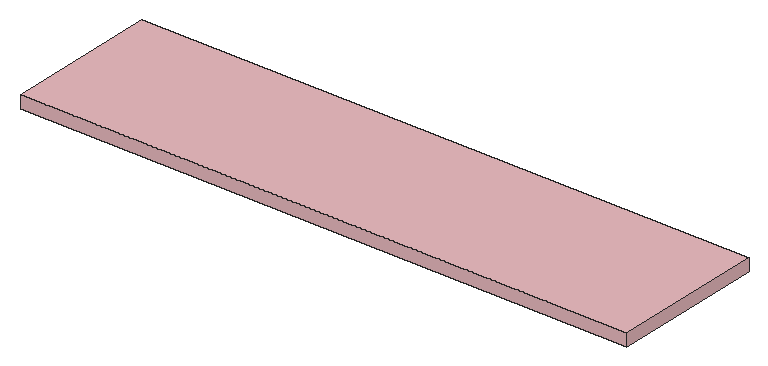
Revit family "Envirocoustic Wood Wool panel", category Specialty Equipment, Revit 2023
Family settings
  Round Connector Dimension = Use Diameter
  Part Type = Normal
  OmniClass Number = 23.35.00.00
  OmniClass Title = Covering, Cladding, and Finishes
  Work Plane-Based = Yes
  Enable Cutting in Views = Yes
  Always vertical = No
  Cut with Voids When Loaded = No
  Maintain Annotation Orientation = No
  Shared = No
  Room Calculation Point = No
Parameters (values of type "2" Square 2ft x 8ft Custom Painted")
  URL = "https://www.acousticalsurfaces.com/envirocoustic-wood-wool/ceiling-wall-panels/"
  Type Comments = "Acoustic panels for vertical and horizontal surfaces"
  Thickness Options = 2
  T = if(Thickness Options = 0, 0' 1", 0' 0") + if(Thickness Options = 1, 0' 1 3/8", 0' 0") + if(Thickness Options = 2, 0' 2", 0' 0")  # 0' - 2"
  Recycled Content Percentage = "0%"
  Model = "Envirocoustic Wood Wool"
  Material = "Envirocoustic Wood Wool"
  Manufacturer = "Acoustical Surfaces, Inc."
  Fire Rating = "ASTM E84 - Class A"
  Finish = Paint - Acoustical-Surfaces - Custom Painted
  Edge Option = 2
  ‍     2. Square = Edge Option = 2  # yes
  ‍     1. Beveled = Edge Option = 1  # no
  Width = 2' - 0"
  Length = 8' - 0"
  ‍      2. Thickness 2" = Thickness Options = 2  # yes
  ‍      1. Thickness 1-3/8" = Thickness Options = 1  # no
  ‍      0. Thickness 1" = Thickness Options = 0  # no
  Description = "Acoustic Panels"
  Default Elevation = 4' - 0"
  Backfill = no
  Assembly Code = "C30"
  Acoustics - NRC = "Sound absorption varies from NRC 0.45 to 0.95 based on installation method used when tested per ASTM C423."
  A = if(Backfill, 0' 1", 0' 0")  # 0' - 0"
Types (72): name | Thickness Options | T | Finish | Edge Option | ‍     2. Square | ‍     1. Beveled | Length | ‍      2. Thickness 2" | ‍      1. Thickness 1-3/8" | ‍      0. Thickness 1" | Default Elevation | Backfill | A
  2" Square 2ft x 8ft Custom Painted | 2 | 0' - 2" | Paint - Acoustical-Surfaces - Custom Painted | 2 | yes | no | 8' - 0" | yes | no | no | 4' - 0" | no | 0' - 0"
  2" Square 2ft x 4ft Custom Painted | 2 | 0' - 2" | Paint - Acoustical-Surfaces - Custom Painted | 2 | yes | no | 4' - 0" | yes | no | no | 4' - 0" | no | 0' - 0"
  2" Square 2ft x 8ft Custom Painted With Backfill | 2 | 0' - 2" | Paint - Acoustical-Surfaces - Custom Painted | 2 | yes | no | 8' - 0" | yes | no | no | 4' - 0" | yes | 0' - 1"
  2" Square 2ft x 4ft Custom Painted With Backfill | 2 | 0' - 2" | Paint - Acoustical-Surfaces - Custom Painted | 2 | yes | no | 4' - 0" | yes | no | no | 4' - 0" | yes | 0' - 1"
  2" Square 2ft x 8ft Primed White | 2 | 0' - 2" | Paint - Acoustical-Surfaces - Primed White | 2 | yes | no | 8' - 0" | yes | no | no | 4' - 0" | no | 0' - 0"
  2" Square 2ft x 4ft Primed White | 2 | 0' - 2" | Paint - Acoustical-Surfaces - Primed White | 2 | yes | no | 4' - 0" | yes | no | no | 4' - 0" | no | 0' - 0"
  2" Square 2ft x 8ft Primed White With Backfill | 2 | 0' - 2" | Paint - Acoustical-Surfaces - Primed White | 2 | yes | no | 8' - 0" | yes | no | no | 4' - 0" | yes | 0' - 1"
  2" Square 2ft x 4ft Primed White With Backfill | 2 | 0' - 2" | Paint - Acoustical-Surfaces - Primed White | 2 | yes | no | 4' - 0" | yes | no | no | 4' - 0" | yes | 0' - 1"
  2" Square 2ft x 8ft Primed Clear | 2 | 0' - 2" | Paint - Acoustical-Surfaces - Primed Clear | 2 | yes | no | 8' - 0" | yes | no | no | 4' - 0" | no | 0' - 0"
  2" Square 2ft x 4ft Primed Clear | 2 | 0' - 2" | Paint - Acoustical-Surfaces - Primed Clear | 2 | yes | no | 4' - 0" | yes | no | no | 4' - 0" | no | 0' - 0"
  2" Square 2ft x 8ft Primed Clear With Backfill | 2 | 0' - 2" | Paint - Acoustical-Surfaces - Primed Clear | 2 | yes | no | 8' - 0" | yes | no | no | 4' - 0" | yes | 0' - 1"
  2" Square 2ft x 4ft Primed Clear With Backfill | 2 | 0' - 2" | Paint - Acoustical-Surfaces - Primed Clear | 2 | yes | no | 4' - 0" | yes | no | no | 4' - 0" | yes | 0' - 1"
  2" Beveled 2ft x 8ft Custom Painted | 2 | 0' - 2" | Paint - Acoustical-Surfaces - Custom Painted | 1 | no | yes | 8' - 0" | yes | no | no | 4' - 0" | no | 0' - 0"
  2" Beveled 2ft x 4ft Custom Painted | 2 | 0' - 2" | Paint - Acoustical-Surfaces - Custom Painted | 1 | no | yes | 4' - 0" | yes | no | no | 2' - 0" | no | 0' - 0"
  2" Beveled 2ft x 8ft Custom Painted With Backfill | 2 | 0' - 2" | Paint - Acoustical-Surfaces - Custom Painted | 1 | no | yes | 8' - 0" | yes | no | no | 4' - 0" | yes | 0' - 1"
  2" Beveled 2ft x 4ft Custom Painted With Backfill | 2 | 0' - 2" | Paint - Acoustical-Surfaces - Custom Painted | 1 | no | yes | 4' - 0" | yes | no | no | 4' - 0" | yes | 0' - 1"
  2" Beveled 2ft x 8ft Primed White | 2 | 0' - 2" | Paint - Acoustical-Surfaces - Primed White | 1 | no | yes | 8' - 0" | yes | no | no | 4' - 0" | no | 0' - 0"
  2" Beveled 2ft x 4ft Primed White | 2 | 0' - 2" | Paint - Acoustical-Surfaces - Primed White | 1 | no | yes | 4' - 0" | yes | no | no | 4' - 0" | no | 0' - 0"
  2" Beveled 2ft x 8ft Primed White With Backfill | 2 | 0' - 2" | Paint - Acoustical-Surfaces - Primed White | 1 | no | yes | 8' - 0" | yes | no | no | 4' - 0" | yes | 0' - 1"
  2" Beveled 2ft x 4ft Primed White With Backfill | 2 | 0' - 2" | Paint - Acoustical-Surfaces - Primed White | 1 | no | yes | 4' - 0" | yes | no | no | 4' - 0" | yes | 0' - 1"
  2" Beveled 2ft x 8ft Primed Clear | 2 | 0' - 2" | Paint - Acoustical-Surfaces - Primed Clear | 1 | no | yes | 8' - 0" | yes | no | no | 4' - 0" | no | 0' - 0"
  2" Beveled 2ft x 4ft Primed Clear | 2 | 0' - 2" | Paint - Acoustical-Surfaces - Primed Clear | 1 | no | yes | 4' - 0" | yes | no | no | 4' - 0" | no | 0' - 0"
  2" Beveled 2ft x 8ft Primed Clear With Backfill | 2 | 0' - 2" | Paint - Acoustical-Surfaces - Primed Clear | 1 | no | yes | 8' - 0" | yes | no | no | 4' - 0" | yes | 0' - 1"
  2" Beveled 2ft x 4ft Primed Clear With Backfill | 2 | 0' - 2" | Paint - Acoustical-Surfaces - Primed Clear | 1 | no | yes | 4' - 0" | yes | no | no | 4' - 0" | yes | 0' - 1"
  1 3/8" Square 2ft x 8ft Custom Painted | 1 | 0' - 1 3/8" | Paint - Acoustical-Surfaces - Custom Painted | 2 | yes | no | 8' - 0" | no | yes | no | 4' - 0" | no | 0' - 0"
  1 3/8" Square 2ft x 4ft Custom Painted | 1 | 0' - 1 3/8" | Paint - Acoustical-Surfaces - Custom Painted | 2 | yes | no | 4' - 0" | no | yes | no | 4' - 0" | no | 0' - 0"
  1 3/8" Square 2ft x 8ft Custom Painted With Backfill | 1 | 0' - 1 3/8" | Paint - Acoustical-Surfaces - Custom Painted | 2 | yes | no | 8' - 0" | no | yes | no | 4' - 0" | yes | 0' - 1"
  1 3/8" Square 2ft x 4ft Custom Painted With Backfill | 1 | 0' - 1 3/8" | Paint - Acoustical-Surfaces - Custom Painted | 2 | yes | no | 4' - 0" | no | yes | no | 4' - 0" | yes | 0' - 1"
  1 3/8" Square 2ft x 8ft Primed White | 1 | 0' - 1 3/8" | Paint - Acoustical-Surfaces - Primed White | 2 | yes | no | 8' - 0" | no | yes | no | 4' - 0" | no | 0' - 0"
  1 3/8" Square 2ft x 4ft Primed White | 1 | 0' - 1 3/8" | Paint - Acoustical-Surfaces - Primed White | 2 | yes | no | 4' - 0" | no | yes | no | 4' - 0" | no | 0' - 0"
  1 3/8" Square 2ft x 8ft Primed White With Backfill | 1 | 0' - 1 3/8" | Paint - Acoustical-Surfaces - Primed White | 2 | yes | no | 8' - 0" | no | yes | no | 4' - 0" | yes | 0' - 1"
  1 3/8" Square 2ft x 4ft Primed White With Backfill | 1 | 0' - 1 3/8" | Paint - Acoustical-Surfaces - Primed White | 2 | yes | no | 4' - 0" | no | yes | no | 4' - 0" | yes | 0' - 1"
  1 3/8" Square 2ft x 8ft Primed Clear | 1 | 0' - 1 3/8" | Paint - Acoustical-Surfaces - Primed Clear | 2 | yes | no | 8' - 0" | no | yes | no | 4' - 0" | no | 0' - 0"
  1 3/8" Square 2ft x 4ft Primed Clear | 1 | 0' - 1 3/8" | Paint - Acoustical-Surfaces - Primed Clear | 2 | yes | no | 4' - 0" | no | yes | no | 4' - 0" | no | 0' - 0"
  1 3/8" Square 2ft x 8ft Primed Clear With Backfill | 1 | 0' - 1 3/8" | Paint - Acoustical-Surfaces - Primed Clear | 2 | yes | no | 8' - 0" | no | yes | no | 4' - 0" | yes | 0' - 1"
  1 3/8" Square 2ft x 4ft Primed Clear With Backfill | 1 | 0' - 1 3/8" | Paint - Acoustical-Surfaces - Primed Clear | 2 | yes | no | 4' - 0" | no | yes | no | 4' - 0" | yes | 0' - 1"
  1 3/8" Beveled 2ft x 8ft Custom Painted | 1 | 0' - 1 3/8" | Paint - Acoustical-Surfaces - Custom Painted | 1 | no | yes | 8' - 0" | no | yes | no | 4' - 0" | no | 0' - 0"
  1 3/8" Beveled 2ft x 4ft Custom Painted | 1 | 0' - 1 3/8" | Paint - Acoustical-Surfaces - Custom Painted | 1 | no | yes | 4' - 0" | no | yes | no | 4' - 0" | no | 0' - 0"
  1 3/8" Beveled 2ft x 8ft Custom Painted With Backfill | 1 | 0' - 1 3/8" | Paint - Acoustical-Surfaces - Custom Painted | 1 | no | yes | 8' - 0" | no | yes | no | 4' - 0" | yes | 0' - 1"
  1 3/8" Beveled 2ft x 4ft Custom Painted With Backfill | 1 | 0' - 1 3/8" | Paint - Acoustical-Surfaces - Custom Painted | 1 | no | yes | 4' - 0" | no | yes | no | 4' - 0" | yes | 0' - 1"
  1 3/8" Beveled 2ft x 8ft Primed White | 1 | 0' - 1 3/8" | Paint - Acoustical-Surfaces - Primed White | 1 | no | yes | 8' - 0" | no | yes | no | 4' - 0" | no | 0' - 0"
  1 3/8" Beveled 2ft x 4ft Primed White | 1 | 0' - 1 3/8" | Paint - Acoustical-Surfaces - Primed White | 1 | no | yes | 4' - 0" | no | yes | no | 4' - 0" | no | 0' - 0"
  1 3/8" Beveled 2ft x 8ft Primed White With Backfill | 1 | 0' - 1 3/8" | Paint - Acoustical-Surfaces - Primed White | 1 | no | yes | 8' - 0" | no | yes | no | 4' - 0" | yes | 0' - 1"
  1 3/8" Beveled 2ft x 4ft Primed White With Backfill | 1 | 0' - 1 3/8" | Paint - Acoustical-Surfaces - Primed White | 1 | no | yes | 4' - 0" | no | yes | no | 4' - 0" | yes | 0' - 1"
  1 3/8" Beveled 2ft x 8ft Primed Clear | 1 | 0' - 1 3/8" | Paint - Acoustical-Surfaces - Primed Clear | 1 | no | yes | 8' - 0" | no | yes | no | 4' - 0" | no | 0' - 0"
  1 3/8" Beveled 2ft x 4ft Primed Clear | 1 | 0' - 1 3/8" | Paint - Acoustical-Surfaces - Primed Clear | 1 | no | yes | 4' - 0" | no | yes | no | 4' - 0" | no | 0' - 0"
  1 3/8" Beveled 2ft x 8ft Primed Clear With Backfill | 1 | 0' - 1 3/8" | Paint - Acoustical-Surfaces - Primed Clear | 1 | no | yes | 8' - 0" | no | yes | no | 4' - 0" | yes | 0' - 1"
  1 3/8" Beveled 2ft x 4ft Primed Clear With Backfill | 1 | 0' - 1 3/8" | Paint - Acoustical-Surfaces - Primed Clear | 1 | no | yes | 4' - 0" | no | yes | no | 4' - 0" | yes | 0' - 1"
  1" Square 2ft x 8ft Custom Painted | 0 | 0' - 1" | Paint - Acoustical-Surfaces - Custom Painted | 2 | yes | no | 8' - 0" | no | no | yes | 4' - 0" | no | 0' - 0"
  1" Square 2ft x 4ft Custom Painted | 0 | 0' - 1" | Paint - Acoustical-Surfaces - Custom Painted | 2 | yes | no | 4' - 0" | no | no | yes | 4' - 0" | no | 0' - 0"
  1" Square 2ft x 8ft Primed White | 0 | 0' - 1" | Paint - Acoustical-Surfaces - Primed White | 2 | yes | no | 8' - 0" | no | no | yes | 4' - 0" | no | 0' - 0"
  1" Square 2ft x 4ft Primed White | 0 | 0' - 1" | Paint - Acoustical-Surfaces - Primed White | 2 | yes | no | 4' - 0" | no | no | yes | 4' - 0" | no | 0' - 0"
  1" Square 2ft x 8ft Primed Clear | 0 | 0' - 1" | Paint - Acoustical-Surfaces - Primed Clear | 2 | yes | no | 8' - 0" | no | no | yes | 4' - 0" | no | 0' - 0"
  1" Square 2ft x 4ft Primed Clear | 0 | 0' - 1" | Paint - Acoustical-Surfaces - Primed Clear | 2 | yes | no | 4' - 0" | no | no | yes | 4' - 0" | no | 0' - 0"
  1" Square 2ft x 8ft Custom Painted With Backfill | 0 | 0' - 1" | Paint - Acoustical-Surfaces - Custom Painted | 2 | yes | no | 8' - 0" | no | no | yes | 4' - 0" | yes | 0' - 1"
  1" Square 2ft x 4ft Custom Painted With Backfill | 0 | 0' - 1" | Paint - Acoustical-Surfaces - Custom Painted | 2 | yes | no | 4' - 0" | no | no | yes | 4' - 0" | yes | 0' - 1"
  1" Square 2ft x 8ft Primed White With Backfill | 0 | 0' - 1" | Paint - Acoustical-Surfaces - Primed White | 2 | yes | no | 8' - 0" | no | no | yes | 4' - 0" | yes | 0' - 1"
  1" Square 2ft x 4ft Primed White With Backfill | 0 | 0' - 1" | Paint - Acoustical-Surfaces - Primed White | 2 | yes | no | 4' - 0" | no | no | yes | 4' - 0" | yes | 0' - 1"
  1" Square 2ft x 8ft Primed Clear With Backfill | 0 | 0' - 1" | Paint - Acoustical-Surfaces - Primed Clear | 2 | yes | no | 8' - 0" | no | no | yes | 4' - 0" | yes | 0' - 1"
  1" Square 2ft x 4ft Primed Clear With Backfill | 0 | 0' - 1" | Paint - Acoustical-Surfaces - Primed Clear | 2 | yes | no | 4' - 0" | no | no | yes | 4' - 0" | yes | 0' - 1"
  1" Beveled 2ft x 8ft Custom Painted | 0 | 0' - 1" | Paint - Acoustical-Surfaces - Custom Painted | 1 | no | yes | 8' - 0" | no | no | yes | 4' - 0" | no | 0' - 0"
  1" Beveled 2ft x 4ft Custom Painted | 0 | 0' - 1" | Paint - Acoustical-Surfaces - Custom Painted | 1 | no | yes | 4' - 0" | no | no | yes | 4' - 0" | no | 0' - 0"
  1" Beveled 2ft x 8ft Primed White | 0 | 0' - 1" | Paint - Acoustical-Surfaces - Primed White | 1 | no | yes | 8' - 0" | no | no | yes | 4' - 0" | no | 0' - 0"
  1" Beveled 2ft x 4ft Primed White | 0 | 0' - 1" | Paint - Acoustical-Surfaces - Primed White | 1 | no | yes | 4' - 0" | no | no | yes | 4' - 0" | no | 0' - 0"
  1" Beveled 2ft x 8ft Primed Clear | 0 | 0' - 1" | Paint - Acoustical-Surfaces - Primed Clear | 1 | no | yes | 8' - 0" | no | no | yes | 4' - 0" | no | 0' - 0"
  1" Beveled 2ft x 4ft Primed Clear | 0 | 0' - 1" | Paint - Acoustical-Surfaces - Primed Clear | 1 | no | yes | 4' - 0" | no | no | yes | 4' - 0" | no | 0' - 0"
  1" Beveled 2ft x 8ft Custom Painted With Backfill | 0 | 0' - 1" | Paint - Acoustical-Surfaces - Custom Painted | 1 | no | yes | 8' - 0" | no | no | yes | 4' - 0" | yes | 0' - 1"
  1" Beveled 2ft x 4ft Custom Painted With Backfill | 0 | 0' - 1" | Paint - Acoustical-Surfaces - Custom Painted | 1 | no | yes | 4' - 0" | no | no | yes | 4' - 0" | yes | 0' - 1"
  1" Beveled 2ft x 8ft Primed White With Backfill | 0 | 0' - 1" | Paint - Acoustical-Surfaces - Primed White | 1 | no | yes | 8' - 0" | no | no | yes | 4' - 0" | yes | 0' - 1"
  1" Beveled 2ft x 4ft Primed White With Backfill | 0 | 0' - 1" | Paint - Acoustical-Surfaces - Primed White | 1 | no | yes | 4' - 0" | no | no | yes | 4' - 0" | yes | 0' - 1"
  1" Beveled 2ft x 8ft Primed Clear With Backfill | 0 | 0' - 1" | Paint - Acoustical-Surfaces - Primed Clear | 1 | no | yes | 8' - 0" | no | no | yes | 4' - 0" | yes | 0' - 1"
  1" Beveled 2ft x 4ft Primed Clear With Backfill | 0 | 0' - 1" | Paint - Acoustical-Surfaces - Primed Clear | 1 | no | yes | 4' - 0" | no | no | yes | 4' - 0" | yes | 0' - 1"
Reference planes (in)
  plane 1 "Center (Front/Back)": y = 0
  plane 2: z = 0
  plane 3 "Center (Left/Right)": x = 0
  plane 4: x = -48
  plane 5: x = 48
  plane 6: y = 12
  plane 7: y = -12
  plane 8: z = 2
Dimensions and locks (in)
  "A": nested 1 to plane 2
  "A": nested 2 to level
  equal spacing: plane 4, plane 3 "Center (Left/Right)", plane 5
  equal spacing: plane 7, plane 1 "Center (Front/Back)", plane 6
  "Length": plane 4 to plane 5
  "Width": plane 7 to plane 6
  "T": plane 8 to plane 2
  aligned and locked: level to plane 2
Nested families (in)
  nested 1: "Beveled" at (0, 0, 0), visible <- "‍     1. Beveled", type "Beveled"
    with Thickness 0' - 2", A 8' - 0"
  nested 2: "Square" at (0, 0, 0), visible <- "‍     2. Square", type "Square"
    with Thickness 0' - 2", A 8' - 0"
  nested 3: "Backfill" at (0, 0, 0), visible <- "Backfill", type "Backfill"
    with Width 2' - 0", Length 8' - 0"
Definition of nested family "Beveled"
  Parameters (values of type "Beveled")
    Thickness = 0' - 1"
    Material = none
    Default Elevation = 0' - 0"
    B = 2' - 0"
    A = 4' - 0"
  Reference planes (in)
    plane 1 "Center (Front/Back)": y = 0
    plane 2: z = 0
    plane 3 "Center (Left/Right)": x = 0
    plane 4: x = -24
    plane 5: x = 24
    plane 6: y = 12
    plane 7: y = -12
    plane 8: z = 1
  Forms (in)
    Extrusion 1, solid, material <- "Material"
      sketch origin (0, 0, 0) x (1, 0, 0) y (0, 1, 0)
        loop
          line (24, 12) -> (-24, 12) -> (-24, -12) -> (24, -12) -> (24, 12)
      from 0 to 1
    Sweep 2, void
      path in 3D
        loop
          line (24, 12, 1) -> (-24, 12, 1) -> (-24, -12, 1) -> (24, -12, 1) -> (24, 12, 1)
      profile "Triangle : Family2" origin (24, 0, 1) x (-1, 0, 0) y (0, 0, 1)
        loop
          line (0, 0) -> (0, -0.315) -> (0.315, 0) -> (0, 0)
  Cuts and joins
    Sweep 2 cuts Extrusion 1
  Lines and regions (in)
    sketch lines
      curve 1: line (24, -12, 1) -> (24, 12, 1)
      curve 2: line (-24, -12, 1) -> (24, -12, 1)
      curve 3: line (-24, 12, 1) -> (-24, -12, 1)
      curve 4: line (24, 12, 1) -> (-24, 12, 1)
  Dimensions and locks (in)
    equal spacing: plane 4, plane 3 "Center (Left/Right)", plane 5
    equal spacing: plane 7, plane 1 "Center (Front/Back)", plane 6
    "B": plane 7 to plane 6
    "A": plane 4 to plane 5
    "Thickness": plane 8 to level
    aligned and locked: level to plane 2
    aligned and locked: Extrusion 1 sketch curve to plane 4
    aligned and locked: plane 5 to Extrusion 1 sketch curve
    aligned and locked: Extrusion 1 sketch curve to plane 6
    aligned and locked: Extrusion 1 sketch curve to plane 7
    aligned and locked: Extrusion 1 to plane 8
Definition of nested family "Square"
  Parameters (values of type "Square")
    Thickness = 0' - 1"
    Material = none
    Default Elevation = 0' - 0"
    B = 2' - 0"
    A = 4' - 0"
  Reference planes (in)
    plane 1 "Center (Front/Back)": y = 0
    plane 2: z = 0
    plane 3 "Center (Left/Right)": x = 0
    plane 4: x = -24
    plane 5: x = 24
    plane 6: y = 12
    plane 7: y = -12
    plane 8: z = 1
  Forms (in)
    Extrusion 1, solid, material <- "Material"
      sketch origin (0, 0, 0) x (1, 0, 0) y (0, 1, 0)
        loop
          line (24, 12) -> (-24, 12) -> (-24, -12) -> (24, -12) -> (24, 12)
      from 0 to 1
  Dimensions and locks (in)
    equal spacing: plane 4, plane 3 "Center (Left/Right)", plane 5
    equal spacing: plane 7, plane 1 "Center (Front/Back)", plane 6
    "B": plane 7 to plane 6
    "A": plane 4 to plane 5
    "Thickness": plane 8 to level
    aligned and locked: level to plane 2
    aligned and locked: Extrusion 1 sketch curve to plane 4
    aligned and locked: plane 5 to Extrusion 1 sketch curve
    aligned and locked: Extrusion 1 sketch curve to plane 6
    aligned and locked: Extrusion 1 sketch curve to plane 7
    aligned and locked: Extrusion 1 to plane 8
Definition of nested family "Backfill"
  Parameters (values of type "Family4")
    Width = 6' - 3.7874"
    Thickness = 0' - 1"
    Length = 7' - 4.94292"
    Default Elevation = 0' - 0"
  Reference planes (in)
    plane 1 "Center (Front/Back)": y = 0
    plane 2: z = 0
    plane 3 "Center (Left/Right)": x = 0
    plane 4: x = -44.47146
    plane 5: x = 44.47146
    plane 6: y = 37.8937
    plane 7: y = -37.8937
    plane 8: z = 1
  Forms (in)
    Extrusion 1, solid
      sketch origin (0, 0, 0) x (1, 0, 0) y (0, 1, 0)
        loop
          line (-44.47146, 37.8937) -> (-44.47146, -37.8937) -> (44.47146, -37.8937) -> (44.47146, 37.8937) -> (-44.47146, 37.8937)
      from 0 to 1
  Dimensions and locks (in)
    equal spacing: plane 4, plane 3 "Center (Left/Right)", plane 5
    "Length": plane 4 to plane 5
    equal spacing: plane 7, plane 1 "Center (Front/Back)", plane 6
    "Width": plane 7 to plane 6
    "Thickness": plane 8 to plane 2
    aligned and locked: level to plane 2
    aligned and locked: Extrusion 1 sketch curve to plane 5
    aligned and locked: plane 4 to Extrusion 1 sketch curve
    aligned and locked: plane 6 to Extrusion 1 sketch curve
    aligned and locked: plane 7 to Extrusion 1 sketch curve
    aligned and locked: plane 8 to Extrusion 1
    aligned and locked: Extrusion 1 to level
